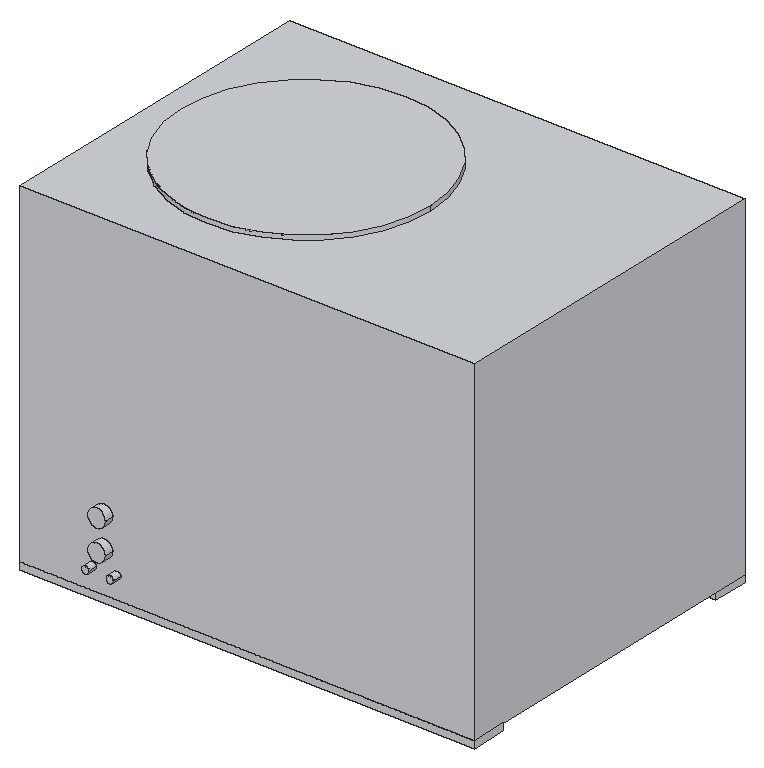
Revit family "M_Condensador para VPAC - Resfriado a ar - 35-53 kW", category Equipamento mecânico, Revit 2019
Family settings
  Cota do conector redondo = Usar raio
  Tipo de parte = Normal
  Número OmniClass = 23.75.10.24.21.11.11
  Título OmniClass = Packaged Refrigerant Condensing Coils and Fan Units
  ID de item do Seek = Condenser for VPAC - Air Cooled - 35-53 kW-0000-CAN-ENU
  Com base no plano de trabalho = Não
  Sempre na vertical = Sim
  Corte com vazios quando carregada = Não
  Compartilhado = Não
  Ponto de cálculo do ambiente = Não
Parameters (values of type "35 kW")
  Voltagem = 460 V
  Visibilidade 3 = no
  Visibilidade 2 = yes
  Visibilidade 1 = no
  Largura da unidade = 965.2 mm
  Material da unidade = none
  Comprimento da unidade = 1300.2 mm
  Altura da unidade = 984.3 mm
  Raio da saída = 10 mm
  Diâmetro da saída = Raio da saída * 2  # 20 mm
  Número de pólos = 3
  Carga máxima de operação = 10058.4 mm
  Classificação de carga = Refrigeração
  Comprimento 1 = 984.3 mm
  Raio da embocadura = 25 mm
  Diâmetro da embocadura = Raio da embocadura * 2  # 50 mm
  Raio do ventilador = Diâmetro do ventilador / 2  # 355.6 mm
  Diâmetro do ventilador = 711.2 mm
  C4 Deslocamento2 = 76.2 mm
  C4 Deslocamento1 = 228.6 mm
  C3 Deslocamento2 = 76.2 mm
  C3 Deslocamento1 = 139.7 mm
  C2 Deslocamento2 = 38.1 mm
  C2 Deslocamento1 = 84.1 mm
  C1 Deslocamento2 = 108 mm
  C1 Deslocamento1 = 84.1 mm
  Carga aparente = 10720 VA
Types (4, lengths in mm): name | Visibilidade 3 | Visibilidade 2 | Visibilidade 1 | Largura da unidade | Comprimento da unidade | Raio do ventilador | Diâmetro do ventilador | C4 Deslocamento2 | C4 Deslocamento1 | C3 Deslocamento2 | C3 Deslocamento1 | C2 Deslocamento2 | C2 Deslocamento1 | C1 Deslocamento2 | C1 Deslocamento1 | Carga aparente
  (no name) | no | yes | no | 965.2 | 1300.2 | 355.6 | 711.2 | 76.2 | 228.6 | 76.2 | 139.7 | 38.1 | 84.1 | 108 | 84.1 | 10720 VA
  35 kW | no | yes | no | 965.2 | 1300.2 | 355.6 | 711.2 | 76.2 | 228.6 | 76.2 | 139.7 | 38.1 | 84.1 | 108 | 84.1 | 10720 VA
  42 kW | yes | no | yes | 863.6 | 2238.4 | 330.2 | 660.4 | 85.7 | 431.8 | 168.3 | 317.5 | 92.1 | 161.9 | 158.8 | 111.1 | 12930 VA
  53 kW | yes | no | yes | 863.6 | 2238.4 | 330.2 | 660.4 | 85.7 | 431.8 | 168.3 | 317.5 | 92.1 | 161.9 | 158.8 | 111.1 | 15130 VA
Reference planes
  plane 1 "Centro (Frente/Trás)": y = 0
  plane 2: z = 0
  plane 3 "Centro (Esquerda/Direita)": x = 0
  plane 4: x = 1300.2
  plane 5: z = 984.3
  plane 6: y = 965.2
  plane 7: x = 76.2
  plane 8: x = 431.8
  plane 9: x = 315.9
  plane 10: x = 46.025
  plane 11: z = 84.1
  plane 12: z = 84.1
  plane 13: z = 139.7
  plane 14: z = 228.6
  plane 15: x = 207.9
  plane 16: x = 277.8
  plane 17: x = 239.7
  plane 18: x = 239.7
  plane 19: x = 201.6
  plane 20: z = 904.925
  plane 21: x = 1224
  plane 22: x = 868.4
  plane 23: z = 997
  plane 24: y = -25.4
  plane 25: y = 482.6
  plane 26: y = 25.4
  plane 27: y = 863.6
  plane 28: y = 101.6
  plane 29: z = 20.32
  plane 30: x = 1030.325
Forms (mm)
  Extrusion 1, solid, material <- "Material da unidade"
    sketch origin (0, 0, 0) x (1, 0, 0) y (0, 0, 1)
      loop
        line (0, 984.3) -> (0, 20.32) -> (1300.2, 20.32) -> (1300.2, 984.3) -> (0, 984.3)
    from 0 to -965.2
  Extrusion 2, solid, material <- "Material da unidade"
    sketch origin (0, 0, 0) x (1, 0, 0) y (0, 0, 1)
      loop
        circle (201.6, 904.925) r 12.7
    from -25.4 to 0
  Extrusion 3, solid, material <- "Material da unidade"
    sketch origin (0, 0, 0) x (1, 0, 0) y (0, 0, 1)
      loop
        circle (239.7, 228.6) r 25
    from 0 to 25.4
  Extrusion 4, solid, material <- "Material da unidade"
    sketch origin (0, 0, 0) x (1, 0, 0) y (0, 0, 1)
      loop
        circle (239.7, 139.7) r 25
    from 0 to 25.4
  Extrusion 5, solid, material <- "Material da unidade"
    sketch origin (0, 0, 0) x (1, 0, 0) y (0, 0, 1)
      loop
        circle (277.8, 84.1) r 10
    from 0 to 25.4
  Extrusion 6, solid, material <- "Material da unidade"
    sketch origin (0, 0, 0) x (1, 0, 0) y (0, 0, 1)
      loop
        circle (207.9, 84.1) r 10
    from 0 to 25.4
  Extrusion 7, solid, material <- "Material da unidade"
    sketch origin (0, 0, 0) x (1, 0, 0) y (0, 1, 0)
      loop
        circle (431.8, 482.6) r 355.6
    from 984.3 to 997
  Extrusion 8, solid, material <- "Material da unidade", visible <- "Visibilidade 1"
    sketch origin (1425.575, 0, 0) x (1, 0, 0) y (0, 1, 0)
      loop
        circle (-557.175, 482.6) r 355.6
    from 984.3 to 997
  Extrusion 9, solid, material <- "Material da unidade"
    sketch origin (25.4, 0, -179.07) x (1, 0, 0) y (0, 0, 1)
      loop
        line (-25.4, 199.39) -> (-25.4, 179.07) -> (1274.8, 179.07) -> (1274.8, 199.39) -> (-25.4, 199.39)
    from -101.6 to 0
  Extrusion 10, solid, material <- "Material da unidade"
    sketch origin (0, 965.2, 0) x (1, 0, 0) y (0, 0, -1)
      loop
        line (0, -20.32) -> (1300.2, -20.32) -> (1300.2, 0) -> (0, 0) -> (0, -20.32)
    from -101.6 to 0
Cuts and joins
  joined: Extrusion 1, Extrusion 2, Extrusion 3, Extrusion 4, Extrusion 5, Extrusion 6
Lines and regions (mm)
  model lines, visible <- "Visibilidade 3"
    curve 1: line (315.9, 0, 984.3) -> (315.9, 0, 20.32)
    curve 2: line (76.2, 0, 984.3) -> (76.2, 0, 20.32)
  model lines, visible <- "Visibilidade 2"
    curve 3: line (1030.325, 0, 984.3) -> (1030.325, 0, 20.32)
Dimensions and locks
  "Comprimento da unidade": plane 4 to plane 3 "Centro (Esquerda/Direita)"
  "Altura da unidade": plane 5 to plane 2
  "Largura da unidade": plane 1 "Centro (Frente/Trás)" to plane 6
  locked: plane 7 to plane 3 "Centro (Esquerda/Direita)" at 76.2
  "Raio do ventilador": plane 8 to plane 7
  "Comprimento 1": plane 4 to plane 9
  locked: plane 9 to plane 10 at 269.875
  "C1 Deslocamento1": plane 11 to plane 2
  "C2 Deslocamento1": plane 12 to plane 2
  "C3 Deslocamento1": plane 13 to plane 2
  "C4 Deslocamento1": plane 14 to plane 2
  "C1 Deslocamento2": plane 9 to plane 15
  "C2 Deslocamento2": plane 9 to plane 16
  "C3 Deslocamento2": plane 9 to plane 17
  "C4 Deslocamento2": plane 9 to plane 18
  locked: plane 9 to plane 19 at 114.3
  locked: plane 5 to plane 20 at 79.375
  locked: plane 4 to plane 21 at 76.2
  "Raio do ventilador": plane 21 to plane 22
  locked: plane 23 to plane 5 at 12.7
  locked: plane 24 to plane 1 "Centro (Frente/Trás)" at 25.4
  equal spacing: plane 1 "Centro (Frente/Trás)", plane 25, plane 6
  locked: plane 26 to plane 1 "Centro (Frente/Trás)" at 25.4
  locked: plane 6 to plane 27 at 101.6
  locked: plane 28 to plane 1 "Centro (Frente/Trás)" at 101.6
  locked: plane 29 to plane 2 at 20.32
  locked: plane 4 to plane 30 at 269.875
  radius of Extrusion 2 sketch curve = 12.7 mm
  "Raio da embocadura": radius of Extrusion 3 sketch curve
  "Raio da embocadura": radius of Extrusion 4 sketch curve
  "Raio da saída": radius of Extrusion 5 sketch curve
  "Raio da saída": radius of Extrusion 6 sketch curve
  "Raio do ventilador": radius of Extrusion 7 sketch curve
  "Raio do ventilador": radius of Extrusion 8 sketch curve
  aligned and locked: Extrusion 1 sketch curve to plane 5
  aligned and locked: plane 3 "Centro (Esquerda/Direita)" to Extrusion 1 sketch curve
  aligned and locked: Extrusion 1 sketch curve to plane 4
  aligned and locked: Extrusion 1 to plane 6
  aligned and locked: plane 1 "Centro (Frente/Trás)" to Extrusion 1
  aligned and locked: plane 20 to Extrusion 2 sketch curve
  aligned and locked: plane 19 to Extrusion 2 sketch curve
  aligned and locked: plane 26 to Extrusion 2
  aligned and locked: plane 1 "Centro (Frente/Trás)" to Extrusion 2
  aligned and locked: plane 14 to Extrusion 3 sketch curve
  aligned and locked: plane 18 to Extrusion 3 sketch curve
  aligned and locked: Extrusion 3 to plane 1 "Centro (Frente/Trás)"
  aligned and locked: plane 24 to Extrusion 3
  aligned and locked: plane 13 to Extrusion 4 sketch curve
  aligned and locked: plane 17 to Extrusion 4 sketch curve
  aligned and locked: Extrusion 4 to plane 1 "Centro (Frente/Trás)"
  aligned and locked: plane 24 to Extrusion 4
  aligned and locked: plane 12 to Extrusion 5 sketch curve
  aligned and locked: plane 16 to Extrusion 5 sketch curve
  aligned and locked: Extrusion 5 to plane 1 "Centro (Frente/Trás)"
  aligned and locked: plane 24 to Extrusion 5
  aligned and locked: plane 11 to Extrusion 6 sketch curve
  aligned and locked: plane 15 to Extrusion 6 sketch curve
  aligned and locked: Extrusion 6 to plane 1 "Centro (Frente/Trás)"
  aligned and locked: plane 24 to Extrusion 6
  aligned and locked: plane 25 to Extrusion 7 sketch curve
  aligned and locked: plane 8 to Extrusion 7 sketch curve
  aligned and locked: plane 25 to Extrusion 8 sketch curve
  aligned and locked: plane 22 to Extrusion 8 sketch curve
  aligned and locked: plane 23 to Extrusion 7
  aligned and locked: Extrusion 7 to plane 5
  aligned and locked: plane 23 to Extrusion 8
  aligned and locked: Extrusion 8 to plane 5
  aligned and locked: plane 5 to curve 1
  aligned and locked: plane 29 to curve 1
  aligned and locked: curve 1 to plane 9
  aligned and locked: plane 29 to curve 2
  aligned and locked: curve 2 to plane 7
  aligned and locked: plane 5 to curve 2
  aligned and locked: plane 29 to Extrusion 1 sketch curve
  aligned and locked: Extrusion 9 to plane 28
  aligned and locked: plane 1 "Centro (Frente/Trás)" to Extrusion 9
  aligned and locked: Extrusion 9 to plane 3 "Centro (Esquerda/Direita)"
  aligned and locked: plane 4 to Extrusion 9
  aligned and locked: plane 29 to Extrusion 9
  aligned and locked: Extrusion 9 to plane 2
  aligned and locked: plane 27 to Extrusion 10
  aligned and locked: Extrusion 10 to plane 6
  aligned and locked: plane 5 to curve 3
  aligned and locked: plane 29 to curve 3
  aligned and locked: curve 3 to plane 30
Automatic sketch dimensions
  Extrusion 9 sketch curve to level = 0 mm
  plane 3 "Centro (Esquerda/Direita)" to Extrusion 9 sketch curve = 0 mm
  plane 4 to Extrusion 9 sketch curve = 0 mm
  Extrusion 9 sketch curve to plane 29 = 0 mm
  Extrusion 10 sketch curve to level = 0 mm
  Extrusion 10 sketch curve to plane 3 "Centro (Esquerda/Direita)" = 0 mm
  Extrusion 10 sketch curve to plane 4 = 0 mm
  Extrusion 10 sketch curve to plane 29 = 0 mm
Connectors
  piping at (207.9, -25.4, 84.1), diameter 20, driven by "Raio da saída"
    settings: on cut or joined group of Extrusion 1, Extrusion 2, Extrusion 3, Extrusion 4, Extrusion 5, Extrusion 6, index 1, connector inside diameter 20 mm, connector length 0 mm, flow factor 0, pipe flow 0.0 L/s, pressure drop 0.0 Pa, fitting loss kfactor 0, connector angle 0.00°, fixture units 0, engagement length 0 mm, angle of deflection 0.00°, flow configuration 0, flow direction 2, fitting loss method 0, system type 22, joint type 0, gender type 0, connector reference index 3, connector utility 0, adjustable connector no, is connector primary yes, connector description "Saída de material criogênico"
  piping at (277.8, -25.4, 84.1), diameter 20, driven by "Raio da saída"
    settings: on cut or joined group of Extrusion 1, Extrusion 2, Extrusion 3, Extrusion 4, Extrusion 5, Extrusion 6, index 2, connector inside diameter 20 mm, connector length 0 mm, flow factor 0, pipe flow 0.0 L/s, pressure drop 0.0 Pa, fitting loss kfactor 0, connector angle 0.00°, fixture units 0, engagement length 0 mm, angle of deflection 0.00°, flow configuration 0, flow direction 2, fitting loss method 0, system type 22, joint type 0, gender type 0, connector reference index 4, connector utility 0, adjustable connector no, is connector primary no, connector description "Saída de material criogênico"
  piping at (239.7, -25.4, 139.7), diameter 50, driven by "Raio da embocadura"
    settings: on cut or joined group of Extrusion 1, Extrusion 2, Extrusion 3, Extrusion 4, Extrusion 5, Extrusion 6, index 3, connector inside diameter 50 mm, connector length 0 mm, flow factor 0, pipe flow 0.0 L/s, pressure drop 0.0 Pa, fitting loss kfactor 0, connector angle 0.00°, fixture units 0, engagement length 0 mm, angle of deflection 0.00°, flow configuration 0, flow direction 1, fitting loss method 0, system type 22, joint type 0, gender type 0, connector reference index 1, connector utility 0, adjustable connector no, is connector primary no, connector description "Entrada de material criogênico"
  piping at (239.7, -25.4, 228.6), diameter 50, driven by "Raio da embocadura"
    settings: on cut or joined group of Extrusion 1, Extrusion 2, Extrusion 3, Extrusion 4, Extrusion 5, Extrusion 6, index 4, connector inside diameter 50 mm, connector length 0 mm, flow factor 0, pipe flow 0.0 L/s, pressure drop 0.0 Pa, fitting loss kfactor 0, connector angle 0.00°, fixture units 0, engagement length 0 mm, angle of deflection 0.00°, flow configuration 0, flow direction 1, fitting loss method 0, system type 22, joint type 0, gender type 0, connector reference index 2, connector utility 0, adjustable connector no, is connector primary no, connector description "Entrada de material criogênico"
  electrical at (201.6, 0, 904.925), driven by "Carga aparente", driven by "Voltagem", driven by "Número de pólos", driven by "Classificação de carga"
    settings: on Extrusion 2, index 5, voltage 460 V, apparent load 10720 VA, apparent load phase1 0 VA, apparent load phase2 0 VA, apparent load phase3 0 VA, power factor 0.8, load classification "Refrigeração", number of poles 3, system type 30, power factor state 1, is connector primary yes, connector utility no, sub classification motor no, connector description ""
